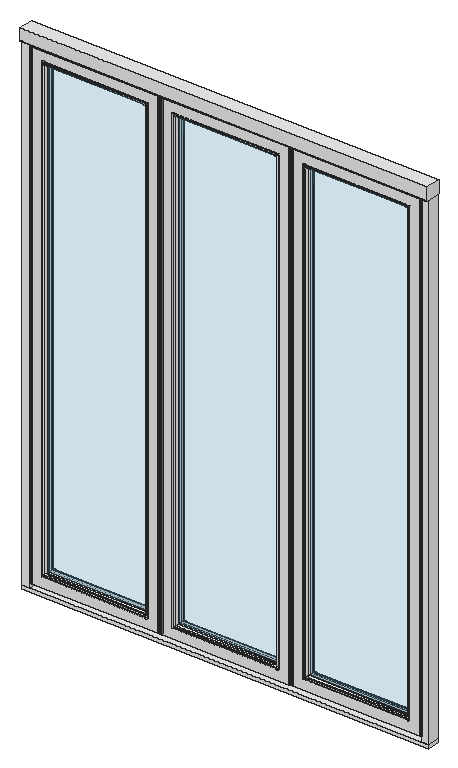
Revit family "98131", category Windows, host Wall, Revit 2018 (continued)
Definition of nested family "Header_WA-67"
  Definition of nested family "Header_Nana_Walls-WD-67"
    Lines and regions (in)
      model lines, in view "Ref. Level", visible <- "Half"
        curve 205: line (0.70866, -4.0748, 0) -> (0.59055, -4.0748, 0)
        curve 206: line (0.72835, -3.99606, 0) -> (0.61024, -3.99606, 0)
        curve 207: line (0.61024, -3.99606, 0) -> (0.61024, -4.03543, 0)
        curve 208: line (0.61024, -4.03543, 0) -> (0.72835, -4.03543, 0)
        curve 209: line (0.72835, -4.03543, 0) -> (0.72835, -3.99606, 0)
        curve 210: line (0.72251, -4.23255, 0) -> (0.5767, -4.19348, 0)
        curve 211: line (0.58078, -4.15381, 0) -> (0.71843, -4.1907, 0)
        curve 212: line (0.57087, -4.16142, 0) -> (0.57087, -4.18587, 0)
        curve 213: line (0.57087, -3.97638, 0) -> (0.57087, -4.05512, 0)
        curve 214: line (0.61024, -3.64173, 0) -> (0.61024, -3.95669, 0)
        curve 215: line (0.61024, -3.95669, 0) -> (0.59055, -3.95669, 0)
        curve 216: line (0.72835, -4.18309, 0) -> (0.72835, -4.09449, 0)
        curve 217: line (0.64961, -3.83858, 0) -> (0.64961, -3.95669, 0)
        curve 218: line (0.64961, -3.95669, 0) -> (0.72835, -3.95669, 0)
        curve 219: line (0.72835, -3.95669, 0) -> (0.72835, -3.83858, 0)
        curve 220: line (0.72835, -3.83858, 0) -> (0.64961, -3.83858, 0)
        curve 221: line (0.64961, -3.6461, 0) -> (0.64961, -3.8189, 0)
        curve 222: line (0.64961, -3.8189, 0) -> (0.72835, -3.8189, 0)
        curve 223: line (0.72835, -3.8189, 0) -> (0.72835, -3.58003, 0)
        curve 224: line (0.72835, -3.58003, 0) -> (0.64961, -3.6461, 0)
        curve 225: line (0.61024, -3.25591, 0) -> (0.61024, -3.39567, 0)
        curve 226: line (0.62992, -3.39567, 0) -> (0.62992, -3.37008, 0)
        curve 227: line (0.67336, -3.60047, 0) -> (0.72835, -3.55433, 0)
        curve 228: line (0.72835, -3.55433, 0) -> (0.72835, -3.29201, 0)
        curve 229: line (0.72835, -3.29201, 0) -> (0.67913, -3.3192, 0)
        curve 230: line (0.67913, -3.3192, 0) -> (0.63386, -3.28113, 0)
        curve 231: line (0.63386, -3.28113, 0) -> (0.63386, -3.33465, 0)
        curve 232: line (0.75537, -3.24943, 0) -> (0.67913, -3.29528, 0)
        curve 233: line (0.67913, -3.29528, 0) -> (0.62258, -3.24943, 0)
        curve 234: line (0.76772, -4.29134, 0) -> (0.76772, -3.25591, 0)
        curve 235: line (-1.08268, -5.40551, 0) -> (-1.08268, -5.27953, 0)
        curve 236: line (-1.08268, -5.27953, 0) -> (-0.86614, -5.27953, 0)
        curve 237: line (-0.86614, -5.27953, 0) -> (-0.86614, -4.49606, 0)
        curve 238: line (-1.03543, -4.49606, 0) -> (-0.58268, -4.49606, 0)
        curve 239: line (-1.03543, -5.16142, 0) -> (-1.03543, -4.80709, 0)
        curve 240: line (-1.03543, -4.88583, 0) -> (-1.16929, -4.88583, 0)
        curve 241: line (-1.16929, -4.88583, 0) -> (-1.16929, -5.08268, 0)
        curve 242: line (-1.16929, -5.08268, 0) -> (-1.03543, -5.08268, 0)
        curve 243: line (-1.16156, -5.23901, 0) -> (-1.16156, -5.4205, 0)
        curve 244: line (-1.11425, -5.43686, 0) -> (-1.13394, -5.43686, 0)
        curve 245: line (-1.11417, -5.40874, 0) -> (-1.13386, -5.40874, 0)
        curve 246: line (-1.0748, -5.20079, 0) -> (-1.1063, -5.20079, 0)
        curve 247: line (-1.0748, -4.76772, 0) -> (-1.1063, -4.76772, 0)
        curve 248: line (-1.16156, -4.72949, 0) -> (-1.16156, -4.548, 0)
        curve 249: line (-1.03543, -4.45669, 0) -> (-1.03543, -4.52756, 0)
        curve 250: line (-1.03543, -4.52756, 0) -> (-1.03543, -4.64567, 0)
        curve 251: line (-1.03543, -4.64567, 0) -> (-1.03543, -4.68898, 0)
        curve 252: line (-1.03543, -4.68898, 0) -> (-1.08268, -4.68898, 0)
        curve 253: line (-1.08268, -4.68898, 0) -> (-1.08268, -4.56299, 0)
        curve 254: line (-1.11417, -4.5315, 0) -> (-1.13386, -4.5315, 0)
        curve 255: line (-1.11417, -4.55977, 0) -> (-1.13386, -4.55977, 0)
        curve 256: line (-0.8189, -4.37795, 0) -> (-0.8189, -4.32677, 0)
        curve 257: line (-0.8189, -4.32677, 0) -> (-0.50394, -4.32677, 0)
        curve 258: line (-0.50394, -4.32677, 0) -> (-0.50394, -4.37795, 0)
        curve 259: line (-0.50394, -4.41732, 0) -> (-0.50394, -4.37795, 0)
        curve 260: line (-0.50394, -4.37795, 0) -> (-0.95669, -4.37795, 0)
        curve 261: line (-0.7189, -4.50067, 0) -> (-0.7189, -4.53082, 0)
        curve 262: line (-0.60394, -4.52824, 0) -> (-0.60394, -4.54724, 0)
        curve 263: line (-0.60394, -4.49606, 0) -> (-0.60394, -4.50437, 0)
        curve 264: line (-0.6983, -4.27686, 0) -> (-0.69956, -4.27024, 0)
        curve 265: line (-0.69956, -4.27024, 0) -> (-0.70841, -4.27189, 0)
        curve 266: line (-0.70841, -4.27189, 0) -> (-0.71789, -4.27406, 0)
        curve 267: line (-0.71789, -4.27406, 0) -> (-0.72806, -4.27686, 0)
        curve 268: line (-1.37795, -4.0374, 0) -> (-1.37795, -4.22638, 0)
        curve 269: line (-1.37795, -4.22638, 0) -> (-1.41732, -4.22638, 0)
        curve 270: line (-1.41732, -4.22638, 0) -> (-1.41732, -4.0374, 0)
        curve 271: line (-1.41732, -4.0374, 0) -> (-1.37795, -4.0374, 0)
        curve 272: line (-1.25984, -4.13189, 0) -> (-1.37795, -4.13189, 0)
        curve 273: line (-1.37795, -4.13189, 0) -> (-1.25984, -4.15272, 0)
        curve 274: line (-1.37795, -4.17187, 0) -> (-1.25984, -4.19269, 0)
        curve 275: line (-1.37795, -4.15188, 0) -> (-1.25984, -4.1727, 0)
        curve 276: line (-1.37795, -4.13189, 0) -> (-1.25984, -4.11106, 0)
        curve 277: line (-1.37795, -4.1119, 0) -> (-1.25984, -4.09108, 0)
        curve 278: line (-1.37795, -4.09191, 0) -> (-1.25984, -4.07109, 0)
        curve 279: line (-0.64173, -5.88583, 0) -> (-0.64173, -6.10236, 0)
        curve 280: line (0.01359, -6.01131, 0) -> (-0.31622, -5.85752, 0)
        curve 281: line (-0.61017, -5.84724, 0) -> (-0.36613, -5.84646, 0)
        curve 282: line (-0.80709, -5.96457, 0) -> (-0.80709, -5.95276, 0)
        curve 283: line (-0.64173, -5.94488, 0) -> (-0.79921, -5.94488, 0)
        curve 284: line (-0.64961, -6.20079, 0) -> (-0.33465, -6.20079, 0)
        curve 285: line (-0.33465, -6.20079, 0) -> (-0.33465, -6.25197, 0)
        curve 286: line (-0.33465, -6.25197, 0) -> (-0.64961, -6.25197, 0)
        curve 287: line (-0.64961, -6.25197, 0) -> (-0.64961, -6.20079, 0)
        curve 288: line (-0.78402, -6.09447, 0) -> (-0.6811, -6.12205, 0)
        curve 289: line (-0.6811, -6.12205, 0) -> (-0.16929, -6.12205, 0)
        curve 290: line (-0.16929, -6.12205, 0) -> (-0.16929, -6.16929, 0)
        curve 291: line (-0.16929, -6.16929, 0) -> (-0.22835, -6.16929, 0)
        curve 292: line (0.05906, -6.08268, 0) -> (0.05906, -6.2126, 0)
        curve 293: line (-0.22835, -6.25197, 0) -> (0.01969, -6.25197, 0)
        curve 294: line (-0.24803, -6.18898, 0) -> (-0.24803, -6.23228, 0)
        curve 295: line (-0.75591, -6.05512, 0) -> (-0.75591, -6.0748, 0)
        curve 296: line (-0.75591, -6.0748, 0) -> (-0.6811, -6.0748, 0)
        curve 297: line (-0.6811, -6.0748, 0) -> (-0.6811, -6.00394, 0)
        curve 298: line (-0.6811, -6.00394, 0) -> (-0.76772, -6.00394, 0)
        curve 299: line (-0.76181, -6.05171, 0) -> (-0.78768, -6.06664, 0)
        curve 300: line (-0.45525, -6.30188, 0) -> (-0.45399, -6.3085, 0)
        curve 301: line (-0.45399, -6.3085, 0) -> (-0.44516, -6.30685, 0)
        curve 302: line (-0.44516, -6.30685, 0) -> (-0.43568, -6.30469, 0)
        curve 303: line (-0.43568, -6.30469, 0) -> (-0.42548, -6.30188, 0)
        curve 304: line (0.41366, -7.09251, 0) -> (0.44021, -6.99423, 0)
        curve 305: line (0.44021, -6.99423, 0) -> (0.42126, -6.99423, 0)
        curve 306: line (0.53717, -6.82455, 0) -> (0.58972, -6.85103, 0)
        curve 307: line (0.43939, -6.81017, 0) -> (0.43011, -6.77644, 0)
        curve 308: line (0.59055, -6.81028, 0) -> (0.59055, -6.81885, 0)
        curve 309: line (0.58268, -6.9102, 0) -> (0.55933, -6.9102, 0)
        curve 310: line (0.55933, -6.9102, 0) -> (0.5887, -6.94503, 0)
        curve 311: line (0.58268, -6.86242, 0) -> (0.55933, -6.86242, 0)
        curve 312: line (0.55933, -6.86242, 0) -> (0.5887, -6.89725, 0)
        curve 313: line (0.41366, -6.87611, 0) -> (0.4395, -6.85918, 0)
        curve 314: line (0.41366, -6.98431, 0) -> (0.44021, -6.88604, 0)
        curve 315: line (0.44021, -6.88604, 0) -> (0.42126, -6.88604, 0)
        curve 316: line (0.61697, -7.02504, 0) -> (0.62611, -7.02172, 0)
        curve 317: line (0.59079, -7.0096, 0) -> (0.58268, -6.95798, 0)
        curve 318: line (-0.80709, -6.96063, 0) -> (-0.80709, -6.92913, 0)
        curve 319: line (-0.80709, -6.92913, 0) -> (-0.76772, -6.92913, 0)
        curve 320: line (-0.76772, -6.92913, 0) -> (-0.80709, -6.92913, 0)
        curve 321: line (-0.82002, -6.96666, 0) -> (-0.85911, -6.93386, 0)
        curve 322: line (-0.62992, -7.08661, 0) -> (-0.66317, -7.08661, 0)
        curve 323: line (-0.76772, -7.0192, 0) -> (-0.76772, -6.92913, 0)
        curve 324: line (-0.61024, -6.95146, 0) -> (-0.61024, -7.06693, 0)
        curve 325: line (-0.81693, -6.82178, 0) -> (-0.8563, -6.79905, 0)
        curve 326: line (-0.80709, -6.74016, 0) -> (-0.80709, -6.77165, 0)
        curve 327: line (-0.80709, -6.86196, 0) -> (-0.80709, -6.83883, 0)
        curve 328: line (-0.85911, -6.76692, 0) -> (-0.82002, -6.73413, 0)
        curve 329: line (-0.8563, -6.90174, 0) -> (-0.81693, -6.87901, 0)
        curve 330: line (-0.76772, -6.77165, 0) -> (-0.80709, -6.77165, 0)
        curve 331: line (-0.80709, -6.77165, 0) -> (-0.76772, -6.77165, 0)
        curve 332: line (-0.76772, -6.77165, 0) -> (-0.76772, -6.73228, 0)
        curve 333: line (-0.76772, -6.73228, 0) -> (-0.74803, -6.73228, 0)
        curve 334: line (-0.72835, -6.75197, 0) -> (-0.72835, -6.87182, 0)
        curve 335: line (-0.55877, -6.30188, 0) -> (-0.54857, -6.30469, 0)
        curve 336: line (-0.54857, -6.30469, 0) -> (-0.53909, -6.30685, 0)
        curve 337: line (-0.53909, -6.30685, 0) -> (-0.53027, -6.3085, 0)
        curve 338: line (-0.53027, -6.3085, 0) -> (-0.52901, -6.30188, 0)
        curve 339: line (-0.59478, -4.27686, 0) -> (-0.60495, -4.27406, 0)
        curve 340: line (-0.60495, -4.27406, 0) -> (-0.61443, -4.27189, 0)
        curve 341: line (-0.61443, -4.27189, 0) -> (-0.62328, -4.27024, 0)
        curve 342: line (-0.62328, -4.27024, 0) -> (-0.62454, -4.27686, 0)
        curve 343: line (-1.24016, -6.3189, 0) -> (1.35827, -6.3189, 0)
        curve 344: line (1.35827, -6.3189, 0) -> (1.35827, -3.24803, 0)
        curve 345: line (1.35827, -3.24803, 0) -> (-1.24016, -3.24803, 0)
        curve 346: line (-1.24016, -3.24803, 0) -> (-1.24016, -6.3189, 0)
        curve 433: arc (-0.94488, -3.95669, 0) -> (-0.9588, -3.96246, 0) -> (-0.96457, -3.97638, 0) r 0.01969
        curve 434: arc (-1.14173, -3.97638, 0) -> (-1.1475, -3.96246, 0) -> (-1.16142, -3.95669, 0) r 0.01969
        curve 435: arc (-1.20079, -4.12598, 0) -> (-1.19502, -4.1399, 0) -> (-1.1811, -4.14567, 0) r 0.01969
        curve 436: arc (-1.1752, -4.08661, 0) -> (-1.16128, -4.08085, 0) -> (-1.15551, -4.06693, 0) r 0.01969
        curve 437: arc (-0.93307, -4.2126, 0) -> (-0.88574, -4.193, 0) -> (-0.86614, -4.14567, 0) r 0.06693
        curve 438: arc (-0.9252, -4.14567, 0) -> (-0.91128, -4.1399, 0) -> (-0.90551, -4.12598, 0) r 0.01969
        curve 439: arc (-0.95079, -4.06693, 0) -> (-0.94502, -4.08085, 0) -> (-0.9311, -4.08661, 0) r 0.01969
        curve 440: arc (-1.04331, -4.52756, 0) -> (-1.0606, -4.4858, 0) -> (-1.10236, -4.4685, 0) r 0.05906
        curve 441: arc (-1.08268, -6.29921, 0) -> (-1.07691, -6.31313, 0) -> (-1.06299, -6.3189, 0) r 0.01969
        curve 442: arc (-0.98425, -6.3189, 0) -> (-0.96457, -6.29921, 0) -> (-0.98425, -6.27953, 0) r 0.01969
        curve 443: arc (-0.80709, -6.01181, 0) -> (-0.83493, -6.02334, 0) -> (-0.84646, -6.05118, 0) r 0.03937
        curve 444: arc (-0.69905, -6.04941, 0) -> (-0.68966, -6.02674, 0) -> (-0.70912, -6.01181, 0) r 0.02015
        curve 445: arc (-0.31496, -6.25984, 0) -> (-0.29766, -6.3016, 0) -> (-0.25591, -6.3189, 0) r 0.05906
        curve 446: arc (-0.19685, -6.16929, 0) -> (-0.17717, -6.14961, 0) -> (-0.19685, -6.12992, 0) r 0.01969
        curve 447: arc (-1.10236, -5.50394, 0) -> (-1.0606, -5.48664, 0) -> (-1.04331, -5.44488, 0) r 0.05906
        curve 448: arc (-0.76772, -6.73228, 0) -> (-0.78271, -6.69609, 0) -> (-0.8189, -6.6811, 0) r 0.05118
        curve 449: arc (-0.88583, -6.6811, 0) -> (-0.92759, -6.6984, 0) -> (-0.94488, -6.74016, 0) r 0.05906
        curve 450: arc (-1.16929, -6.75197, 0) -> (-1.10933, -6.89673, 0) -> (-0.96457, -6.95669, 0) r 0.20472
        curve 451: arc (-1.24016, -6.75197, 0) -> (-1.15944, -6.94684, 0) -> (-0.96457, -7.02756, 0) r 0.27559
        curve 452: arc (-0.95276, -6.95669, 0) -> (-0.94719, -6.95439, 0) -> (-0.94488, -6.94882, 0) r 0.00787
        curve 453: arc (-1.10236, -6.68504, 0) -> (-1.0606, -6.66774, 0) -> (-1.04331, -6.62598, 0) r 0.05906
        curve 456: arc (-0.76772, -4.54724, 0) -> (-0.83731, -4.57607, 0) -> (-0.86614, -4.64567, 0) r 0.09843
        curve 457: arc (0.86614, -3.24803, 0) -> (0.79654, -3.27686, 0) -> (0.76772, -3.34646, 0) r 0.09843
        curve 458: arc (1.35827, -3.34646, 0) -> (1.32944, -3.27686, 0) -> (1.25984, -3.24803, 0) r 0.09843
        curve 459: arc (1.27953, -6.3189, 0) -> (1.33521, -6.29584, 0) -> (1.35827, -6.24016, 0) r 0.07874
        curve 460: arc (1.27953, -6.3189, 0) -> (1.33521, -6.29584, 0) -> (1.35827, -6.24016, 0) r 0.07874
        curve 461: arc (0.86931, -6.3189, 0) -> (0.88196, -6.31429, 0) -> (0.8887, -6.30263, 0) r 0.01969
        curve 462: arc (0.9197, -6.22047, 0) -> (0.90705, -6.22508, 0) -> (0.90031, -6.23674, 0) r 0.01969
        curve 463: arc (1.06012, -6.30263, 0) -> (1.06686, -6.31429, 0) -> (1.07951, -6.3189, 0) r 0.01969
        curve 464: arc (1.04851, -6.23674, 0) -> (1.04177, -6.22508, 0) -> (1.02912, -6.22047, 0) r 0.01969
        curve 687: line (-0.94488, -3.95669, 0) -> (-0.86614, -3.95669, 0)
        curve 688: line (-0.86614, -3.95669, 0) -> (-0.86614, -4.14567, 0)
        curve 689: line (-1.24016, -6.75197, 0) -> (-1.24016, -3.95669, 0)
        curve 690: line (-1.24016, -3.95669, 0) -> (-1.16142, -3.95669, 0)
        curve 691: line (-0.93307, -4.2126, 0) -> (-1.16929, -4.2126, 0)
        curve 692: line (-1.16929, -4.2126, 0) -> (-1.16929, -4.4685, 0)
        curve 693: line (-1.16929, -4.4685, 0) -> (-1.10236, -4.4685, 0)
        curve 694: line (-1.1811, -4.14567, 0) -> (-0.9252, -4.14567, 0)
        curve 695: line (-1.14173, -3.97638, 0) -> (-1.14173, -3.99606, 0)
        curve 696: line (-1.14173, -3.99606, 0) -> (-1.20079, -3.99606, 0)
        curve 697: line (-1.20079, -3.99606, 0) -> (-1.20079, -4.04724, 0)
        curve 698: line (-1.20079, -4.04724, 0) -> (-1.15551, -4.04724, 0)
        curve 699: line (-1.15551, -4.04724, 0) -> (-1.15551, -4.06693, 0)
        curve 700: line (-1.1752, -4.08661, 0) -> (-1.20079, -4.08661, 0)
        curve 701: line (-1.20079, -4.08661, 0) -> (-1.20079, -4.12598, 0)
        curve 702: line (-0.95079, -4.06693, 0) -> (-0.95079, -4.04724, 0)
        curve 703: line (-0.95079, -4.04724, 0) -> (-0.90551, -4.04724, 0)
        curve 704: line (-0.90551, -4.04724, 0) -> (-0.90551, -3.99606, 0)
        curve 705: line (-0.90551, -3.99606, 0) -> (-0.96457, -3.99606, 0)
        curve 706: line (-0.96457, -3.99606, 0) -> (-0.96457, -3.97638, 0)
        curve 707: line (-0.90551, -4.12598, 0) -> (-0.90551, -4.08661, 0)
        curve 708: line (-0.90551, -4.08661, 0) -> (-0.9311, -4.08661, 0)
        curve 709: line (-1.10236, -5.50394, 0) -> (-1.16929, -5.50394, 0)
        curve 710: line (-1.16929, -5.50394, 0) -> (-1.16929, -6.12992, 0)
        curve 711: line (-1.16929, -6.12992, 0) -> (-0.84646, -6.12992, 0)
        curve 712: line (-0.84646, -6.12992, 0) -> (-0.84646, -6.05118, 0)
        curve 713: line (-0.70912, -6.01181, 0) -> (-0.80709, -6.01181, 0)
        curve 714: line (-0.19685, -6.12992, 0) -> (-0.80709, -6.12992, 0)
        curve 715: line (-0.80709, -6.12992, 0) -> (-0.80709, -6.05118, 0)
        curve 716: line (-0.80709, -6.05118, 0) -> (-0.74803, -6.05118, 0)
        curve 717: line (-0.74803, -6.05118, 0) -> (-0.74803, -6.07087, 0)
        curve 718: line (-1.06299, -6.3189, 0) -> (-0.98425, -6.3189, 0)
        curve 719: line (-0.98425, -6.27953, 0) -> (-1.04331, -6.27953, 0)
        curve 720: line (-1.04331, -6.27953, 0) -> (-1.04331, -6.20079, 0)
        curve 721: line (-1.04331, -6.20079, 0) -> (-0.51258, -6.20079, 0)
        curve 722: line (-0.51258, -6.20079, 0) -> (-0.49213, -6.18898, 0)
        curve 723: line (-0.49213, -6.18898, 0) -> (-0.47167, -6.20079, 0)
        curve 724: line (-0.47167, -6.20079, 0) -> (-0.31496, -6.20079, 0)
        curve 725: line (-0.31496, -6.20079, 0) -> (-0.31496, -6.25984, 0)
        curve 726: line (-0.74304, -6.0748, 0) -> (-0.69905, -6.04941, 0)
        curve 727: line (-0.25591, -6.3189, 0) -> (-0.17717, -6.3189, 0)
        curve 728: line (-0.17717, -6.3189, 0) -> (-0.17717, -6.25984, 0)
        curve 729: line (-0.17717, -6.25984, 0) -> (-0.25591, -6.25984, 0)
        curve 730: line (-0.25591, -6.25984, 0) -> (-0.25591, -6.16929, 0)
        curve 731: line (-0.25591, -6.16929, 0) -> (-0.19685, -6.16929, 0)
        curve 732: line (-1.04331, -5.44488, 0) -> (-1.04331, -5.32677, 0)
        curve 733: line (-1.04331, -5.32677, 0) -> (-1.08268, -5.32677, 0)
        curve 734: line (-1.08268, -5.32677, 0) -> (-1.08268, -5.44488, 0)
        curve 735: line (-1.08268, -5.44488, 0) -> (-1.16929, -5.44488, 0)
        curve 736: line (-1.16929, -5.44488, 0) -> (-1.16929, -4.52756, 0)
        curve 737: line (-1.16929, -4.52756, 0) -> (-1.08268, -4.52756, 0)
        curve 738: line (-1.08268, -4.52756, 0) -> (-1.08268, -4.64567, 0)
        curve 739: line (-1.08268, -4.64567, 0) -> (-1.04331, -4.64567, 0)
        curve 740: line (-1.04331, -4.64567, 0) -> (-1.04331, -4.52756, 0)
        curve 741: line (-0.76772, -6.73228, 0) -> (-0.76772, -6.77165, 0)
        curve 742: line (-0.76772, -6.77165, 0) -> (-0.80709, -6.77165, 0)
        curve 743: line (-0.80709, -6.77165, 0) -> (-0.76772, -6.77165, 0)
        curve 744: line (-0.76772, -6.77165, 0) -> (-0.76772, -6.73228, 0)
        curve 745: line (-0.76772, -7.0192, 0) -> (-0.76772, -6.92913, 0)
        curve 746: line (-0.76772, -6.92913, 0) -> (-0.76772, -7.02756, 0)
        curve 747: line (-0.76772, -7.02756, 0) -> (-0.96457, -7.02756, 0)
        curve 748: line (-1.10236, -6.68504, 0) -> (-1.16929, -6.68504, 0)
        curve 749: line (-1.16929, -6.68504, 0) -> (-1.16929, -6.75197, 0)
        curve 750: line (-0.96457, -6.95669, 0) -> (-0.95276, -6.95669, 0)
        curve 751: line (-0.94488, -6.94882, 0) -> (-0.94488, -6.74016, 0)
        curve 752: line (-0.80709, -6.74016, 0) -> (-0.80709, -6.77165, 0)
        curve 753: line (-0.80709, -6.77165, 0) -> (-0.80709, -6.73228, 0)
        curve 754: line (-0.80709, -6.73228, 0) -> (-0.88583, -6.73228, 0)
        curve 755: line (-0.88583, -6.73228, 0) -> (-0.88583, -6.9685, 0)
        curve 756: line (-0.88583, -6.9685, 0) -> (-0.80709, -6.9685, 0)
        curve 757: line (-0.80709, -6.9685, 0) -> (-0.80709, -6.92913, 0)
        curve 758: line (-0.80709, -6.92913, 0) -> (-0.76772, -6.92913, 0)
        curve 759: line (-0.76772, -6.92913, 0) -> (-0.80709, -6.92913, 0)
        curve 760: line (-0.80709, -6.92913, 0) -> (-0.80709, -6.96063, 0)
        curve 761: line (-1.04331, -6.62598, 0) -> (-1.04331, -6.54724, 0)
        curve 762: line (-1.04331, -6.54724, 0) -> (-1.08268, -6.54724, 0)
        curve 763: line (-1.08268, -6.54724, 0) -> (-1.08268, -6.62598, 0)
        curve 764: line (-1.08268, -6.62598, 0) -> (-1.16929, -6.62598, 0)
        curve 765: line (-1.16929, -6.62598, 0) -> (-1.16929, -6.22047, 0)
        curve 766: line (-1.16929, -6.22047, 0) -> (-1.08268, -6.22047, 0)
        curve 767: line (-1.08268, -6.22047, 0) -> (-1.08268, -6.29921, 0)
        curve 768: line (-0.88583, -6.6811, 0) -> (-0.8189, -6.6811, 0)
        curve 802: line (1.35827, -3.34646, 0) -> (1.35827, -6.24016, 0)
        curve 803: line (0.86931, -6.3189, 0) -> (0.05906, -6.3189, 0)
        curve 804: line (0.05906, -6.3189, 0) -> (0.05906, -6.00394, 0)
        curve 805: line (0.05906, -6.00394, 0) -> (-0.27866, -5.84646, 0)
        curve 806: line (-0.27866, -5.84646, 0) -> (-0.61024, -5.84646, 0)
        curve 807: line (-0.61024, -5.84646, 0) -> (-0.86614, -5.72713, 0)
        curve 808: line (-0.86614, -5.72713, 0) -> (-0.86614, -4.64567, 0)
        curve 809: line (0.76772, -3.34646, 0) -> (0.76772, -4.31102, 0)
        curve 810: line (0.76772, -4.31102, 0) -> (0.57087, -4.31102, 0)
        curve 811: line (0.57087, -4.31102, 0) -> (0.57087, -3.95669, 0)
        curve 812: line (0.57087, -3.95669, 0) -> (0.15748, -3.95669, 0)
        curve 813: line (0.15748, -3.95669, 0) -> (0.15748, -4.15354, 0)
        curve 814: line (0.15748, -4.15354, 0) -> (0, -4.15354, 0)
        curve 815: line (0, -4.15354, 0) -> (0, -3.95669, 0)
        curve 816: line (0, -3.95669, 0) -> (-0.49213, -3.95669, 0)
        curve 817: line (-0.49213, -3.95669, 0) -> (-0.49213, -4.54724, 0)
        curve 818: line (-0.49213, -4.54724, 0) -> (-0.76772, -4.54724, 0)
        curve 819: line (0.86614, -3.24803, 0) -> (1.25984, -3.24803, 0)
        curve 820: line (0.9197, -6.22047, 0) -> (1.02912, -6.22047, 0)
        curve 821: line (1.02912, -6.22047, 0) -> (0.9197, -6.22047, 0)
        curve 822: line (0.8887, -6.30263, 0) -> (0.90031, -6.23674, 0)
        curve 823: line (1.11866, -6.3189, 0) -> (1.07951, -6.3189, 0)
        curve 824: line (1.07951, -6.3189, 0) -> (1.27953, -6.3189, 0)
        curve 825: line (1.06012, -6.30263, 0) -> (1.04851, -6.23674, 0)
        curve 826: line (0.43307, -6.3189, 0) -> (1.33858, -6.3189, 0)
        curve 827: line (1.33858, -6.3189, 0) -> (1.33858, -6.67662, 0)
        curve 828: arc (1.33858, -6.67662, 0) -> (1.28332, -6.82846, 0) -> (1.14338, -6.90925, 0) r 0.23622
        curve 829: line (1.14338, -6.90925, 0) -> (0.59055, -7.02756, 0)
        curve 830: line (0.59055, -7.02756, 0) -> (0.59055, -6.7126, 0)
        curve 831: line (0.59055, -6.7126, 0) -> (0.43307, -6.7126, 0)
        curve 832: line (0.43307, -6.7126, 0) -> (0.43307, -6.3189, 0)
        curve 833: line (0.43307, -6.3189, 0) -> (1.25984, -6.3189, 0)
        curve 834: line (1.33858, -6.39764, 0) -> (1.33858, -6.67662, 0)
        curve 835: arc (1.25984, -6.3189, 0) -> (1.31552, -6.34196, 0) -> (1.33858, -6.39764, 0) r 0.07874
      model lines, in view "Ref. Level"
        curve 2: arc (1.11024, -2.55906, 0) -> (1.07564, -2.47554, 0) -> (0.99213, -2.44094, 0) r 0.11811
        curve 3: line (1.07087, -2.55906, 0) -> (0.95042, -2.44094, 0)
        curve 4: arc (-0.87402, -2.44094, 0) -> (-0.95753, -2.47554, 0) -> (-0.99213, -2.55906, 0) r 0.11811
        curve 5: line (-0.95276, -2.55906, 0) -> (-0.83231, -2.44094, 0)
        curve 6: arc (-0.41685, -2.95323, 0) -> (-0.41428, -2.94036, 0) -> (-0.4252, -2.93307, 0) r 0.01181
        curve 7: arc (-0.48386, -3.00394, 0) -> (-0.46879, -3.00094, 0) -> (-0.45602, -2.99241, 0) r 0.03937
        curve 8: arc (-0.46457, -2.88583, 0) -> (-0.47292, -2.88929, 0) -> (-0.47638, -2.89764, 0) r 0.01181
        curve 9: arc (-0.46457, -2.88583, 0) -> (-0.45316, -2.87707, 0) -> (-0.45866, -2.86379, 0) r 0.01181
        curve 10: arc (-0.52756, -2.95669, 0) -> (-0.51921, -2.95323, 0) -> (-0.51575, -2.94488, 0) r 0.01181
        curve 11: arc (-0.6063, -2.94488, 0) -> (-0.60284, -2.95323, 0) -> (-0.59449, -2.95669, 0) r 0.01181
        curve 12: arc (-0.51575, -2.88583, 0) -> (-0.51921, -2.87748, 0) -> (-0.52756, -2.87402, 0) r 0.01181
        curve 13: arc (-0.66339, -2.86379, 0) -> (-0.66889, -2.87707, 0) -> (-0.65748, -2.88583, 0) r 0.01181
        curve 14: arc (-0.64567, -2.89764, 0) -> (-0.64913, -2.88929, 0) -> (-0.65748, -2.88583, 0) r 0.01181
        curve 15: arc (-0.59449, -2.87402, 0) -> (-0.60284, -2.87748, 0) -> (-0.6063, -2.88583, 0) r 0.01181
        curve 16: arc (-1.41535, -2.93307, 0) -> (-1.42716, -2.94452, 0) -> (-1.41608, -2.95667, 0) r 0.01181
        curve 17: arc (0.54331, -2.93307, 0) -> (0.5324, -2.94036, 0) -> (0.53496, -2.95323, 0) r 0.01181
        curve 18: arc (0.57413, -2.99241, 0) -> (0.5869, -3.00094, 0) -> (0.60197, -3.00394, 0) r 0.03937
        curve 19: arc (0.59449, -2.89764, 0) -> (0.59103, -2.88929, 0) -> (0.58268, -2.88583, 0) r 0.01181
        curve 20: arc (0.57677, -2.86379, 0) -> (0.57127, -2.87707, 0) -> (0.58268, -2.88583, 0) r 0.01181
        curve 21: arc (0.63386, -2.94488, 0) -> (0.63732, -2.95323, 0) -> (0.64567, -2.95669, 0) r 0.01181
        curve 22: arc (0.7126, -2.95669, 0) -> (0.72095, -2.95323, 0) -> (0.72441, -2.94488, 0) r 0.01181
        curve 23: arc (0.64567, -2.87402, 0) -> (0.63732, -2.87748, 0) -> (0.63386, -2.88583, 0) r 0.01181
        curve 24: arc (0.77559, -2.88583, 0) -> (0.787, -2.87707, 0) -> (0.7815, -2.86379, 0) r 0.01181
        curve 25: arc (0.77559, -2.88583, 0) -> (0.76724, -2.88929, 0) -> (0.76378, -2.89764, 0) r 0.01181
        curve 26: arc (0.72441, -2.88583, 0) -> (0.72095, -2.87748, 0) -> (0.7126, -2.87402, 0) r 0.01181
        curve 27: arc (1.53419, -2.95667, 0) -> (1.54527, -2.94452, 0) -> (1.53346, -2.93307, 0) r 0.01181
        curve 118: line (1.11024, -2.75591, 0) -> (1.11024, -2.55906, 0)
        curve 119: line (1.11024, -2.55906, 0) -> (1.07087, -2.55906, 0)
        curve 120: line (1.07087, -2.55906, 0) -> (1.07087, -2.71654, 0)
        curve 121: line (1.07087, -2.71654, 0) -> (1.02362, -2.71654, 0)
        curve 122: line (1.07087, -2.71654, 0) -> (1.11024, -2.75591, 0)
        curve 123: line (1.11024, -2.75591, 0) -> (0.98426, -2.75591, 0)
        curve 124: line (0.98426, -2.75591, 0) -> (0.98426, -2.59843, 0)
        curve 125: line (1.02362, -2.55906, 0) -> (0.98621, -2.59843, 0)
        curve 126: line (0.98621, -2.59843, 0) -> (0.7874, -2.59843, 0)
        curve 127: line (0.98453, -2.75768, 0) -> (1.02362, -2.71654, 0)
        curve 128: line (1.02362, -2.71654, 0) -> (1.02362, -2.55906, 0)
        curve 129: line (1.02362, -2.55906, 0) -> (0.7874, -2.55906, 0)
        curve 130: line (0.7874, -2.55906, 0) -> (0.7874, -2.66142, 0)
        curve 131: line (0.7874, -2.66142, 0) -> (0.7874, -2.71654, 0)
        curve 132: line (0.7874, -2.71654, 0) -> (0.66929, -2.71654, 0)
        curve 133: line (0.66929, -2.71654, 0) -> (0.66929, -2.55906, 0)
        curve 134: line (0.66929, -2.55906, 0) -> (0.54331, -2.55906, 0)
        curve 135: line (0.54331, -2.55906, 0) -> (0.54331, -2.48031, 0)
        curve 136: line (0.54331, -2.48031, 0) -> (0.66929, -2.48031, 0)
        curve 137: line (0.66929, -2.48031, 0) -> (0.66929, -2.32283, 0)
        curve 138: line (0.66929, -2.32283, 0) -> (0.7874, -2.32283, 0)
        curve 139: line (0.7874, -2.32283, 0) -> (0.7874, -2.44094, 0)
        curve 140: line (0.7874, -2.44094, 0) -> (0.99213, -2.44094, 0)
        curve 141: line (0.58268, -2.48031, 0) -> (0.58268, -2.55906, 0)
        curve 142: line (0.66929, -2.67717, 0) -> (0.7874, -2.67717, 0)
        curve 143: line (0.98453, -2.59843, 0) -> (0.98453, -2.75768, 0)
        curve 144: line (0.7874, -2.3622, 0) -> (0.66929, -2.3622, 0)
        curve 145: line (-0.99213, -2.75591, 0) -> (-0.99213, -2.55906, 0)
        curve 146: line (-0.99213, -2.55906, 0) -> (-0.95276, -2.55906, 0)
        curve 147: line (-0.95276, -2.55906, 0) -> (-0.95276, -2.71654, 0)
        curve 148: line (-0.95276, -2.71654, 0) -> (-0.90551, -2.71654, 0)
        curve 149: line (-0.95276, -2.71654, 0) -> (-0.99213, -2.75591, 0)
        curve 150: line (-0.99213, -2.75591, 0) -> (-0.86615, -2.75591, 0)
        curve 151: line (-0.86615, -2.75591, 0) -> (-0.86615, -2.59843, 0)
        curve 152: line (-0.90551, -2.55906, 0) -> (-0.8681, -2.59843, 0)
        curve 153: line (-0.8681, -2.59843, 0) -> (-0.66929, -2.59843, 0)
        curve 154: line (-0.86642, -2.75768, 0) -> (-0.90551, -2.71654, 0)
        curve 155: line (-0.90551, -2.71654, 0) -> (-0.90551, -2.55906, 0)
        curve 156: line (-0.90551, -2.55906, 0) -> (-0.66929, -2.55906, 0)
        curve 157: line (-0.66929, -2.55906, 0) -> (-0.66929, -2.66142, 0)
        curve 158: line (-0.66929, -2.66142, 0) -> (-0.66929, -2.71654, 0)
        curve 159: line (-0.66929, -2.71654, 0) -> (-0.55118, -2.71654, 0)
        curve 160: line (-0.55118, -2.71654, 0) -> (-0.55118, -2.55906, 0)
        curve 161: line (-0.55118, -2.55906, 0) -> (-0.4252, -2.55906, 0)
        curve 162: line (-0.4252, -2.55906, 0) -> (-0.4252, -2.48031, 0)
        curve 163: line (-0.4252, -2.48031, 0) -> (-0.55118, -2.48031, 0)
        curve 164: line (-0.55118, -2.48031, 0) -> (-0.55118, -2.32283, 0)
        curve 165: line (-0.55118, -2.32283, 0) -> (-0.66929, -2.32283, 0)
        curve 166: line (-0.66929, -2.32283, 0) -> (-0.66929, -2.44094, 0)
        curve 167: line (-0.66929, -2.44094, 0) -> (-0.87402, -2.44094, 0)
        curve 168: line (-0.46457, -2.48031, 0) -> (-0.46457, -2.55906, 0)
        curve 169: line (-0.55118, -2.67717, 0) -> (-0.66929, -2.67717, 0)
        curve 170: line (-0.86642, -2.59843, 0) -> (-0.86642, -2.75768, 0)
        curve 171: line (-0.66929, -2.3622, 0) -> (-0.55118, -2.3622, 0)
        curve 172: line (-0.66339, -2.86379, 0) -> (-0.61291, -2.83465, 0)
        curve 173: line (-0.61291, -2.83465, 0) -> (-0.50914, -2.83465, 0)
        curve 174: line (-0.50914, -2.83465, 0) -> (-0.45866, -2.86379, 0)
        curve 175: line (-1.41608, -2.95667, 0) -> (-0.64328, -3.00394, 0)
        curve 176: line (-0.64328, -3.00394, 0) -> (-0.48386, -3.00394, 0)
        curve 177: line (-0.47638, -2.89764, 0) -> (-0.47638, -2.93307, 0)
        curve 178: line (-0.47638, -2.93307, 0) -> (-0.4252, -2.93307, 0)
        curve 179: line (-0.45602, -2.99241, 0) -> (-0.41685, -2.95323, 0)
        curve 180: line (-0.64567, -2.89764, 0) -> (-0.64567, -2.93307, 0)
        curve 181: line (-0.64567, -2.93307, 0) -> (-1.41535, -2.93307, 0)
        curve 182: line (-0.6063, -2.94488, 0) -> (-0.6063, -2.88583, 0)
        curve 183: line (-0.51575, -2.88583, 0) -> (-0.51575, -2.94488, 0)
        curve 184: line (-0.52756, -2.95669, 0) -> (-0.59449, -2.95669, 0)
        curve 185: line (-0.59449, -2.87402, 0) -> (-0.52756, -2.87402, 0)
        curve 186: line (0.7815, -2.86379, 0) -> (0.73102, -2.83465, 0)
        curve 187: line (0.73102, -2.83465, 0) -> (0.62725, -2.83465, 0)
        curve 188: line (0.62725, -2.83465, 0) -> (0.57677, -2.86379, 0)
        curve 189: line (1.53419, -2.95667, 0) -> (0.76139, -3.00394, 0)
        curve 190: line (0.76139, -3.00394, 0) -> (0.60197, -3.00394, 0)
        curve 191: line (0.59449, -2.89764, 0) -> (0.59449, -2.93307, 0)
        curve 192: line (0.59449, -2.93307, 0) -> (0.54331, -2.93307, 0)
        curve 193: line (0.57413, -2.99241, 0) -> (0.53496, -2.95323, 0)
        curve 194: line (0.76378, -2.89764, 0) -> (0.76378, -2.93307, 0)
        curve 195: line (0.76378, -2.93307, 0) -> (1.53346, -2.93307, 0)
        curve 196: line (0.72441, -2.94488, 0) -> (0.72441, -2.88583, 0)
        curve 197: line (0.63386, -2.88583, 0) -> (0.63386, -2.94488, 0)
        curve 198: line (0.64567, -2.95669, 0) -> (0.7126, -2.95669, 0)
        curve 199: line (0.7126, -2.87402, 0) -> (0.64567, -2.87402, 0)
        curve 347: arc (0.85433, -2.8937, 0) -> (0.86586, -2.92154, 0) -> (0.8937, -2.93307, 0) r 0.03937
        curve 348: arc (0.8937, -2.59843, 0) -> (0.86586, -2.60996, 0) -> (0.85433, -2.6378, 0) r 0.03937
        curve 349: arc (0.99213, -2.6378, 0) -> (0.98059, -2.60996, 0) -> (0.95276, -2.59843, 0) r 0.03937
        curve 350: arc (1.25984, -2.93307, 0) -> (1.27376, -2.92731, 0) -> (1.27953, -2.91339, 0) r 0.01969
        curve 351: arc (1.35827, -2.65748, 0) -> (1.37219, -2.65171, 0) -> (1.37795, -2.6378, 0) r 0.01969
        curve 352: arc (1.37795, -2.27756, 0) -> (1.37219, -2.26364, 0) -> (1.35827, -2.25787, 0) r 0.01969
        curve 353: arc (1.35827, -1.95472, 0) -> (1.37219, -1.94896, 0) -> (1.37795, -1.93504, 0) r 0.01969
        curve 354: arc (0.77019, -0.49213, 0) -> (0.67648, -0.53834, 0) -> (0.6561, -0.64081, 0) r 0.11811
        curve 355: arc (0.77199, -0.61024, 0) -> (0.75637, -0.61794, 0) -> (0.75298, -0.63502, 0) r 0.01969
        curve 356: arc (1.12205, -0.68898, 0) -> (1.11052, -0.66114, 0) -> (1.08268, -0.64961, 0) r 0.03937
        curve 357: arc (1.37795, -1.21457, 0) -> (1.37219, -1.20065, 0) -> (1.35827, -1.19488, 0) r 0.01969
        curve 358: arc (1.35827, -0.89173, 0) -> (1.37219, -0.88597, 0) -> (1.37795, -0.87205, 0) r 0.01969
        curve 359: arc (1.14173, -0.05906, 0) -> (1.12781, -0.06482, 0) -> (1.12205, -0.07874, 0) r 0.01969
        curve 360: arc (1.37795, -0.07874, 0) -> (1.37219, -0.06482, 0) -> (1.35827, -0.05906, 0) r 0.01969
        curve 361: arc (1.37795, -2.83465, 0) -> (1.40678, -2.90424, 0) -> (1.47638, -2.93307, 0) r 0.09843
        curve 362: arc (1.87008, -2.93307, 0) -> (1.93968, -2.90424, 0) -> (1.9685, -2.83465, 0) r 0.09843
        curve 363: arc (1.47638, -0.05906, 0) -> (1.40678, -0.08788, 0) -> (1.37795, -0.15748, 0) r 0.09843
        curve 364: arc (1.9685, -0.15748, 0) -> (1.93968, -0.08788, 0) -> (1.87008, -0.05906, 0) r 0.09843
        curve 365: arc (-0.77559, -2.93307, 0) -> (-0.74775, -2.92154, 0) -> (-0.73622, -2.8937, 0) r 0.03937
        curve 366: arc (-0.73622, -2.6378, 0) -> (-0.74775, -2.60996, 0) -> (-0.77559, -2.59843, 0) r 0.03937
        curve 367: arc (-0.83465, -2.59843, 0) -> (-0.86248, -2.60996, 0) -> (-0.87402, -2.6378, 0) r 0.03937
        curve 368: arc (-1.16142, -2.91339, 0) -> (-1.15565, -2.92731, 0) -> (-1.14173, -2.93307, 0) r 0.01969
        curve 369: arc (-1.25984, -2.6378, 0) -> (-1.25408, -2.65171, 0) -> (-1.24016, -2.65748, 0) r 0.01969
        curve 370: arc (-1.24016, -2.25787, 0) -> (-1.25408, -2.26364, 0) -> (-1.25984, -2.27756, 0) r 0.01969
        curve 371: arc (-1.25984, -1.93504, 0) -> (-1.25408, -1.94896, 0) -> (-1.24016, -1.95472, 0) r 0.01969
        curve 372: arc (-0.53799, -0.64081, 0) -> (-0.55837, -0.53834, 0) -> (-0.65208, -0.49213, 0) r 0.11811
        curve 373: arc (-0.63487, -0.63502, 0) -> (-0.63826, -0.61794, 0) -> (-0.65388, -0.61024, 0) r 0.01969
        curve 374: arc (-0.96457, -0.64961, 0) -> (-0.99241, -0.66114, 0) -> (-1.00394, -0.68898, 0) r 0.03937
        curve 375: arc (-1.24016, -1.19488, 0) -> (-1.25408, -1.20065, 0) -> (-1.25984, -1.21457, 0) r 0.01969
        curve 376: arc (-1.25984, -0.87205, 0) -> (-1.25408, -0.88597, 0) -> (-1.24016, -0.89173, 0) r 0.01969
        curve 377: arc (-1.00394, -0.07874, 0) -> (-1.0097, -0.06482, 0) -> (-1.02362, -0.05906, 0) r 0.01969
        curve 378: arc (-1.24016, -0.05906, 0) -> (-1.25408, -0.06482, 0) -> (-1.25984, -0.07874, 0) r 0.01969
        curve 379: arc (-0.57087, -3.23622, 0) -> (-0.55011, -3.28633, 0) -> (-0.5, -3.30709, 0) r 0.07087
        curve 380: arc (-0.5, -3.16929, 0) -> (-0.50577, -3.15537, 0) -> (-0.51969, -3.14961, 0) r 0.01969
        curve 381: arc (-0.41339, -3.30709, 0) -> (-0.35771, -3.28402, 0) -> (-0.33465, -3.22835, 0) r 0.07874
        curve 382: arc (0.61024, -3.30709, 0) -> (0.58717, -3.25141, 0) -> (0.5315, -3.22835, 0) r 0.07874
        curve 383: arc (0.45276, -3.50394, 0) -> (0.46429, -3.53178, 0) -> (0.49213, -3.54331, 0) r 0.03937
        curve 384: arc (0.47244, -3.44488, 0) -> (0.45852, -3.45065, 0) -> (0.45276, -3.46457, 0) r 0.01969
        curve 385: arc (0.45276, -3.22835, 0) -> (0.47582, -3.28402, 0) -> (0.5315, -3.30709, 0) r 0.07874
        curve 386: arc (0.57087, -3.54331, 0) -> (0.5987, -3.53178, 0) -> (0.61024, -3.50394, 0) r 0.03937
        curve 387: arc (-0.59055, -2.1889, 0) -> (-0.5315, -2.20472, 0) -> (-0.47244, -2.1889, 0) r 0.11811
        curve 388: arc (-0.66929, -2.93307, 0) -> (-0.65537, -2.92731, 0) -> (-0.64961, -2.91339, 0) r 0.01969
        curve 389: arc (-0.70866, -2.66142, 0) -> (-0.72258, -2.66718, 0) -> (-0.72835, -2.6811, 0) r 0.01969
        curve 390: arc (-0.72835, -2.34646, 0) -> (-0.72258, -2.36038, 0) -> (-0.70866, -2.36614, 0) r 0.01969
        curve 391: arc (-0.72835, -2.06388, 0) -> (-0.7178, -2.10325, 0) -> (-0.68898, -2.13207, 0) r 0.07874
        curve 392: arc (-0.47244, -2.91339, 0) -> (-0.46668, -2.92731, 0) -> (-0.45276, -2.93307, 0) r 0.01969
        curve 393: arc (-0.33465, -2.14344, 0) -> (-0.34449, -2.12639, 0) -> (-0.36417, -2.12639, 0) r 0.01969
        curve 394: arc (-0.71257, -0.33974, 0) -> (-0.70554, -0.35026, 0) -> (-0.69356, -0.35433, 0) r 0.01969
        curve 395: arc (-0.64514, -0.89654, 0) -> (-0.67743, -0.85447, 0) -> (-0.71654, -0.8903, 0) r 0.03597
        curve 396: arc (-0.64514, -0.89654, 0) -> (-0.64322, -0.96316, 0) -> (-0.61515, -1.02362, 0) r 0.16535
        curve 397: arc (-0.69356, -0.64961, 0) -> (-0.70554, -0.65367, 0) -> (-0.71257, -0.6642, 0) r 0.01969
        curve 398: arc (-0.24409, -0.51575, 0) -> (-0.27193, -0.52728, 0) -> (-0.28346, -0.55512, 0) r 0.03937
        curve 399: arc (-0.33924, -0.80505, 0) -> (-0.3481, -0.81765, 0) -> (-0.34517, -0.83277, 0) r 0.01969
        curve 400: arc (-0.4003, -0.97966, 0) -> (-0.42736, -0.98167, 0) -> (-0.42669, -1.0088, 0) r 0.01969
        curve 401: arc (-0.42803, -0.84307, 0) -> (-0.42668, -0.86945, 0) -> (-0.4003, -0.87074, 0) r 0.01969
        curve 402: arc (-0.42803, -0.84307, 0) -> (-0.48228, -0.82677, 0) -> (-0.53654, -0.84307, 0) r 0.09843
        curve 403: arc (-0.56427, -0.87074, 0) -> (-0.53789, -0.86945, 0) -> (-0.53654, -0.84307, 0) r 0.01969
        curve 404: arc (-0.56427, -0.87074, 0) -> (-0.58071, -0.9252, 0) -> (-0.56427, -0.97966, 0) r 0.09843
        curve 405: arc (-0.53787, -1.0088, 0) -> (-0.5372, -0.98167, 0) -> (-0.56427, -0.97966, 0) r 0.01969
        curve 406: arc (-0.34941, -1.02362, 0) -> (-0.31697, -0.92887, 0) -> (-0.34517, -0.83277, 0) r 0.16535
        curve 407: arc (-0.4003, -0.97966, 0) -> (-0.38386, -0.9252, 0) -> (-0.4003, -0.87074, 0) r 0.09843
        curve 408: arc (-0.33924, -0.80505, 0) -> (-0.29835, -0.76212, 0) -> (-0.28346, -0.70472, 0) r 0.11811
        curve 409: arc (-0.28346, -0.29921, 0) -> (-0.22779, -0.27615, 0) -> (-0.20472, -0.22047, 0) r 0.07874
        curve 410: arc (0.59055, -2.1889, 0) -> (0.64961, -2.20472, 0) -> (0.70866, -2.1889, 0) r 0.11811
        curve 411: arc (0.57087, -2.93307, 0) -> (0.58479, -2.92731, 0) -> (0.59055, -2.91339, 0) r 0.01969
        curve 412: arc (0.48228, -2.12639, 0) -> (0.4626, -2.12639, 0) -> (0.45276, -2.14344, 0) r 0.01969
        curve 413: arc (0.76772, -2.91339, 0) -> (0.77348, -2.92731, 0) -> (0.7874, -2.93307, 0) r 0.01969
        curve 414: arc (0.84646, -2.6811, 0) -> (0.84069, -2.66718, 0) -> (0.82677, -2.66142, 0) r 0.01969
        curve 415: arc (0.82677, -2.36614, 0) -> (0.84069, -2.36038, 0) -> (0.84646, -2.34646, 0) r 0.01969
        curve 416: arc (0.80709, -2.13207, 0) -> (0.83591, -2.10325, 0) -> (0.84646, -2.06388, 0) r 0.07874
        curve 417: arc (0.40157, -0.55512, 0) -> (0.39004, -0.52728, 0) -> (0.3622, -0.51575, 0) r 0.03937
        curve 418: arc (0.46328, -0.83277, 0) -> (0.46621, -0.81765, 0) -> (0.45735, -0.80505, 0) r 0.01969
        curve 419: arc (0.51841, -0.87074, 0) -> (0.54479, -0.86945, 0) -> (0.54614, -0.84307, 0) r 0.01969
        curve 420: arc (0.5448, -1.0088, 0) -> (0.54548, -0.98167, 0) -> (0.51841, -0.97966, 0) r 0.01969
        curve 421: arc (0.46328, -0.83277, 0) -> (0.43508, -0.92887, 0) -> (0.46752, -1.02362, 0) r 0.16535
        curve 422: arc (0.51841, -0.87074, 0) -> (0.50197, -0.9252, 0) -> (0.51841, -0.97966, 0) r 0.09843
        curve 423: arc (0.65465, -0.84307, 0) -> (0.60039, -0.82677, 0) -> (0.54614, -0.84307, 0) r 0.09843
        curve 424: arc (0.68238, -0.97966, 0) -> (0.65531, -0.98167, 0) -> (0.65598, -1.0088, 0) r 0.01969
        curve 425: arc (0.68238, -0.97966, 0) -> (0.69882, -0.9252, 0) -> (0.68238, -0.87074, 0) r 0.09843
        curve 426: arc (0.65465, -0.84307, 0) -> (0.656, -0.86945, 0) -> (0.68238, -0.87074, 0) r 0.01969
        curve 427: arc (0.40157, -0.70472, 0) -> (0.41646, -0.76212, 0) -> (0.45735, -0.80505, 0) r 0.11811
        curve 428: arc (0.32283, -0.22047, 0) -> (0.3459, -0.27615, 0) -> (0.40157, -0.29921, 0) r 0.07874
        curve 429: arc (0.81167, -0.35433, 0) -> (0.82365, -0.35026, 0) -> (0.83068, -0.33974, 0) r 0.01969
        curve 430: arc (0.83465, -0.8903, 0) -> (0.79554, -0.85447, 0) -> (0.76325, -0.89654, 0) r 0.03597
        curve 431: arc (0.73326, -1.02362, 0) -> (0.76133, -0.96316, 0) -> (0.76325, -0.89654, 0) r 0.16535
        curve 432: arc (0.83068, -0.6642, 0) -> (0.82365, -0.65367, 0) -> (0.81167, -0.64961, 0) r 0.01969
        curve 454: arc (-1.51575, -4.15354, 0) -> (-1.46962, -4.2649, 0) -> (-1.35827, -4.31102, 0) r 0.15748
        curve 455: arc (-1.35827, -4.31102, 0) -> (-1.34435, -4.30526, 0) -> (-1.33858, -4.29134, 0) r 0.01969
        curve 465: line (1.37795, -0.07874, 0) -> (1.37795, -0.15748, 0)
        curve 466: line (1.37795, -0.15748, 0) -> (1.37795, -0.87205, 0)
        curve 467: line (0.77019, -0.49213, 0) -> (1.12205, -0.49213, 0)
        curve 468: line (1.12205, -0.49213, 0) -> (1.12205, -0.07874, 0)
        curve 469: line (1.37795, -2.27756, 0) -> (1.37795, -2.6378, 0)
        curve 470: line (0.8937, -2.93307, 0) -> (1.25984, -2.93307, 0)
        curve 471: line (0.8937, -2.59843, 0) -> (0.95276, -2.59843, 0)
        curve 472: line (0.85433, -2.8937, 0) -> (0.85433, -2.6378, 0)
        curve 473: line (1.27953, -2.91339, 0) -> (1.27953, -2.65748, 0)
        curve 474: line (1.27953, -2.65748, 0) -> (1.35827, -2.65748, 0)
        curve 475: line (1.37795, -1.21457, 0) -> (1.37795, -1.93504, 0)
        curve 476: line (1.35827, -1.95472, 0) -> (1.27953, -1.95472, 0)
        curve 477: line (1.27953, -1.95472, 0) -> (1.27953, -2.25787, 0)
        curve 478: line (1.27953, -2.25787, 0) -> (1.35827, -2.25787, 0)
        curve 479: line (0.99213, -2.6378, 0) -> (0.99213, -2.75591, 0)
        curve 480: line (0.99213, -2.75591, 0) -> (0.99213, -2.77559, 0)
        curve 481: line (0.99213, -2.77559, 0) -> (1.12205, -2.77559, 0)
        curve 482: line (1.12205, -2.77559, 0) -> (1.12205, -1.87008, 0)
        curve 483: line (1.12205, -1.87008, 0) -> (0.95276, -1.87008, 0)
        curve 484: line (0.95276, -1.87008, 0) -> (0.95276, -1.79134, 0)
        curve 485: line (0.95276, -1.79134, 0) -> (1.20079, -1.79134, 0)
        curve 486: line (1.20079, -1.79134, 0) -> (1.20079, -1.35827, 0)
        curve 487: line (1.20079, -1.35827, 0) -> (0.95276, -1.35827, 0)
        curve 488: line (0.95276, -1.35827, 0) -> (0.95276, -1.27953, 0)
        curve 489: line (0.95276, -1.27953, 0) -> (1.12205, -1.27953, 0)
        curve 490: line (1.12205, -1.27953, 0) -> (1.12205, -0.68898, 0)
        curve 491: line (0.75298, -0.63502, 0) -> (0.77165, -0.70472, 0)
        curve 492: line (0.77165, -0.70472, 0) -> (0.67323, -0.70472, 0)
        curve 493: line (0.67323, -0.70472, 0) -> (0.6561, -0.64081, 0)
        curve 494: line (1.08268, -0.64961, 0) -> (1.0315, -0.64961, 0)
        curve 495: line (1.0315, -0.64961, 0) -> (1.0315, -0.80709, 0)
        curve 496: line (1.0315, -0.80709, 0) -> (0.95276, -0.80709, 0)
        curve 497: line (0.95276, -0.80709, 0) -> (0.95276, -0.61024, 0)
        curve 498: line (0.95276, -0.61024, 0) -> (0.77199, -0.61024, 0)
        curve 499: line (1.35827, -0.89173, 0) -> (1.27953, -0.89173, 0)
        curve 500: line (1.27953, -0.89173, 0) -> (1.27953, -1.19488, 0)
        curve 501: line (1.27953, -1.19488, 0) -> (1.35827, -1.19488, 0)
        curve 502: line (1.14173, -0.05906, 0) -> (1.35827, -0.05906, 0)
        curve 503: line (1.37795, -0.15748, 0) -> (1.37795, -2.83465, 0)
        curve 504: line (1.9685, -2.83465, 0) -> (1.9685, -0.15748, 0)
        curve 505: line (1.47638, -2.93307, 0) -> (1.87008, -2.93307, 0)
        curve 506: line (1.87008, -0.05906, 0) -> (1.47638, -0.05906, 0)
        curve 507: line (-1.25984, -0.07874, 0) -> (-1.25984, -0.15748, 0)
        curve 508: line (-1.25984, -0.15748, 0) -> (-1.25984, -0.87205, 0)
        curve 509: line (-0.65208, -0.49213, 0) -> (-1.00394, -0.49213, 0)
        curve 510: line (-1.00394, -0.49213, 0) -> (-1.00394, -0.07874, 0)
        curve 511: line (-1.25984, -2.27756, 0) -> (-1.25984, -2.6378, 0)
        curve 512: line (-0.77559, -2.93307, 0) -> (-1.14173, -2.93307, 0)
        curve 513: line (-0.77559, -2.59843, 0) -> (-0.83465, -2.59843, 0)
        curve 514: line (-0.73622, -2.8937, 0) -> (-0.73622, -2.6378, 0)
        curve 515: line (-1.16142, -2.91339, 0) -> (-1.16142, -2.65748, 0)
        curve 516: line (-1.16142, -2.65748, 0) -> (-1.24016, -2.65748, 0)
        curve 517: line (-1.25984, -1.21457, 0) -> (-1.25984, -1.93504, 0)
        curve 518: line (-1.24016, -1.95472, 0) -> (-1.16142, -1.95472, 0)
        curve 519: line (-1.16142, -1.95472, 0) -> (-1.16142, -2.25787, 0)
        curve 520: line (-1.16142, -2.25787, 0) -> (-1.24016, -2.25787, 0)
        curve 521: line (-0.87402, -2.6378, 0) -> (-0.87402, -2.75591, 0)
        curve 522: line (-0.87402, -2.75591, 0) -> (-0.87402, -2.77559, 0)
        curve 523: line (-0.87402, -2.77559, 0) -> (-1.00394, -2.77559, 0)
        curve 524: line (-1.00394, -2.77559, 0) -> (-1.00394, -1.87008, 0)
        curve 525: line (-1.00394, -1.87008, 0) -> (-0.83465, -1.87008, 0)
        curve 526: line (-0.83465, -1.87008, 0) -> (-0.83465, -1.79134, 0)
        curve 527: line (-0.83465, -1.79134, 0) -> (-1.08268, -1.79134, 0)
        curve 528: line (-1.08268, -1.79134, 0) -> (-1.08268, -1.35827, 0)
        curve 529: line (-1.08268, -1.35827, 0) -> (-0.83465, -1.35827, 0)
        curve 530: line (-0.83465, -1.35827, 0) -> (-0.83465, -1.27953, 0)
        curve 531: line (-0.83465, -1.27953, 0) -> (-1.00394, -1.27953, 0)
        curve 532: line (-1.00394, -1.27953, 0) -> (-1.00394, -0.68898, 0)
        curve 533: line (-0.63487, -0.63502, 0) -> (-0.65354, -0.70472, 0)
        curve 534: line (-0.65354, -0.70472, 0) -> (-0.55512, -0.70472, 0)
        curve 535: line (-0.55512, -0.70472, 0) -> (-0.53799, -0.64081, 0)
        curve 536: line (-0.96457, -0.64961, 0) -> (-0.91339, -0.64961, 0)
        curve 537: line (-0.91339, -0.64961, 0) -> (-0.91339, -0.80709, 0)
        curve 538: line (-0.91339, -0.80709, 0) -> (-0.83465, -0.80709, 0)
        curve 539: line (-0.83465, -0.80709, 0) -> (-0.83465, -0.61024, 0)
        curve 540: line (-0.83465, -0.61024, 0) -> (-0.65388, -0.61024, 0)
        curve 541: line (-1.24016, -0.89173, 0) -> (-1.16142, -0.89173, 0)
        curve 542: line (-1.16142, -0.89173, 0) -> (-1.16142, -1.19488, 0)
        curve 543: line (-1.16142, -1.19488, 0) -> (-1.24016, -1.19488, 0)
        curve 544: line (-1.02362, -0.05906, 0) -> (-1.24016, -0.05906, 0)
        curve 545: line (0.57087, -2.93307, 0) -> (0.5315, -2.93307, 0)
        curve 546: line (0.5315, -2.93307, 0) -> (0.5315, -3.22835, 0)
        curve 547: line (0.45276, -3.22835, 0) -> (0.45276, -2.14344, 0)
        curve 548: line (-0.33465, -3.22835, 0) -> (-0.33465, -2.14344, 0)
        curve 549: line (-0.5, -3.16929, 0) -> (-0.5, -3.23622, 0)
        curve 550: line (-0.5, -3.23622, 0) -> (-0.41339, -3.23622, 0)
        curve 551: line (-0.41339, -3.23622, 0) -> (-0.41339, -2.93307, 0)
        curve 552: line (-0.41339, -2.93307, 0) -> (-0.45276, -2.93307, 0)
        curve 553: line (-0.41339, -3.30709, 0) -> (-0.5, -3.30709, 0)
        curve 554: line (-0.57087, -3.23622, 0) -> (-0.57087, -3.14961, 0)
        curve 555: line (-0.57087, -3.14961, 0) -> (-0.51969, -3.14961, 0)
        curve 556: line (0.57087, -3.54331, 0) -> (0.49213, -3.54331, 0)
        curve 557: line (0.47244, -3.44488, 0) -> (0.5315, -3.44488, 0)
        curve 558: line (0.5315, -3.44488, 0) -> (0.5315, -3.30709, 0)
        curve 559: line (0.45276, -3.50394, 0) -> (0.45276, -3.46457, 0)
        curve 560: line (0.61024, -3.50394, 0) -> (0.61024, -3.30709, 0)
        curve 561: line (-0.28346, -0.29921, 0) -> (-0.30709, -0.29921, 0)
        curve 562: line (-0.30709, -0.29921, 0) -> (-0.30709, -0.39764, 0)
        curve 563: line (-0.30709, -0.39764, 0) -> (0.4252, -0.39764, 0)
        curve 564: line (0.4252, -0.39764, 0) -> (0.4252, -0.29921, 0)
        curve 565: line (0.4252, -0.29921, 0) -> (0.40157, -0.29921, 0)
        curve 566: line (-0.68898, -2.13207, 0) -> (-0.59055, -2.1889, 0)
        curve 567: line (-0.66929, -2.93307, 0) -> (-0.72835, -2.93307, 0)
        curve 568: line (-0.72835, -2.93307, 0) -> (-0.72835, -2.6811, 0)
        curve 569: line (-0.70866, -2.66142, 0) -> (-0.66929, -2.66142, 0)
        curve 570: line (-0.66929, -2.66142, 0) -> (-0.66929, -2.71654, 0)
        curve 571: line (-0.66929, -2.71654, 0) -> (-0.41339, -2.71654, 0)
        curve 572: line (-0.41339, -2.71654, 0) -> (-0.41339, -2.31102, 0)
        curve 573: line (-0.41339, -2.31102, 0) -> (-0.66929, -2.31102, 0)
        curve 574: line (-0.66929, -2.31102, 0) -> (-0.66929, -2.36614, 0)
        curve 575: line (-0.66929, -2.36614, 0) -> (-0.70866, -2.36614, 0)
        curve 576: line (-0.71654, -0.8903, 0) -> (-0.71654, -1.29921, 0)
        curve 577: line (-0.71654, -1.29921, 0) -> (-0.72835, -1.43421, 0)
        curve 578: line (-0.72835, -1.43421, 0) -> (-0.72835, -2.06388, 0)
        curve 579: line (-0.47244, -2.1889, 0) -> (-0.36417, -2.12639, 0)
        curve 580: line (-0.47244, -2.91339, 0) -> (-0.47244, -2.8937, 0)
        curve 581: line (-0.47244, -2.8937, 0) -> (-0.41339, -2.8937, 0)
        curve 582: line (-0.41339, -2.8937, 0) -> (-0.41339, -2.7874, 0)
        curve 583: line (-0.41339, -2.7874, 0) -> (-0.68898, -2.7874, 0)
        curve 584: line (-0.68898, -2.7874, 0) -> (-0.68898, -2.8937, 0)
        curve 585: line (-0.68898, -2.8937, 0) -> (-0.64961, -2.8937, 0)
        curve 586: line (-0.64961, -2.8937, 0) -> (-0.64961, -2.91339, 0)
        curve 587: line (-0.53787, -1.0088, 0) -> (-0.55269, -1.02362, 0)
        curve 588: line (-0.55269, -1.02362, 0) -> (-0.61515, -1.02362, 0)
        curve 589: line (-0.72835, -2.34646, 0) -> (-0.72835, -2.23209, 0)
        curve 590: line (-0.72835, -2.23209, 0) -> (-0.82677, -2.17526, 0)
        curve 591: line (-0.82677, -2.17526, 0) -> (-0.82677, -0.66543, 0)
        curve 592: line (-0.82677, -0.66543, 0) -> (-0.76772, -0.64961, 0)
        curve 593: line (-0.76772, -0.64961, 0) -> (-0.76772, -0.70472, 0)
        curve 594: line (-0.76772, -0.70472, 0) -> (-0.72343, -0.70472, 0)
        curve 595: line (-0.72343, -0.70472, 0) -> (-0.71257, -0.6642, 0)
        curve 596: line (-0.69356, -0.64961, 0) -> (-0.64961, -0.64961, 0)
        curve 597: line (-0.64961, -0.64961, 0) -> (-0.66438, -0.70472, 0)
        curve 598: line (-0.66438, -0.70472, 0) -> (-0.3937, -0.70472, 0)
        curve 599: line (-0.3937, -0.70472, 0) -> (-0.3937, -0.29921, 0)
        curve 600: line (-0.3937, -0.29921, 0) -> (-0.66438, -0.29921, 0)
        curve 601: line (-0.66438, -0.29921, 0) -> (-0.64961, -0.35433, 0)
        curve 602: line (-0.64961, -0.35433, 0) -> (-0.69356, -0.35433, 0)
        curve 603: line (-0.71257, -0.33974, 0) -> (-0.72343, -0.29921, 0)
        curve 604: line (-0.72343, -0.29921, 0) -> (-0.76772, -0.29921, 0)
        curve 605: line (-0.76772, -0.29921, 0) -> (-0.76772, -0.35433, 0)
        curve 606: line (-0.76772, -0.35433, 0) -> (-0.82677, -0.33851, 0)
        curve 607: line (-0.82677, -0.33851, 0) -> (-0.82677, -0.17794, 0)
        curve 608: line (-0.82677, -0.17794, 0) -> (-0.81496, -0.15748, 0)
        curve 609: line (-0.81496, -0.15748, 0) -> (-0.82677, -0.13702, 0)
        curve 610: line (-0.82677, -0.13702, 0) -> (-0.82677, 0, 0)
        curve 611: line (-0.82677, 0, 0) -> (-0.64575, 0, 0)
        curve 612: line (-0.64575, 0, 0) -> (-0.62992, -0.05906, 0)
        curve 613: line (-0.62992, -0.05906, 0) -> (-0.75591, -0.05906, 0)
        curve 614: line (-0.75591, -0.05906, 0) -> (-0.75591, -0.22047, 0)
        curve 615: line (-0.75591, -0.22047, 0) -> (-0.28346, -0.22047, 0)
        curve 616: line (-0.28346, -0.22047, 0) -> (-0.28346, -0.05906, 0)
        curve 617: line (-0.28346, -0.05906, 0) -> (-0.33465, -0.05906, 0)
        curve 618: line (-0.33465, -0.05906, 0) -> (-0.31882, 0, 0)
        curve 619: line (-0.34941, -1.02362, 0) -> (-0.41187, -1.02362, 0)
        curve 620: line (-0.41187, -1.02362, 0) -> (-0.42669, -1.0088, 0)
        curve 621: line (-0.28346, -0.55512, 0) -> (-0.28346, -0.70472, 0)
        curve 622: line (-0.31882, 0, 0) -> (-0.11811, 0, 0)
        curve 623: line (-0.11811, 0, 0) -> (-0.11811, -0.07087, 0)
        curve 624: line (-0.11811, -0.07087, 0) -> (-0.20472, -0.07087, 0)
        curve 625: line (-0.20472, -0.07087, 0) -> (-0.20472, -0.22047, 0)
        curve 626: line (0.48228, -2.12639, 0) -> (0.59055, -2.1889, 0)
        curve 627: line (0.76772, -2.91339, 0) -> (0.76772, -2.8937, 0)
        curve 628: line (0.76772, -2.8937, 0) -> (0.80709, -2.8937, 0)
        curve 629: line (0.80709, -2.8937, 0) -> (0.80709, -2.7874, 0)
        curve 630: line (0.80709, -2.7874, 0) -> (0.5315, -2.7874, 0)
        curve 631: line (0.5315, -2.7874, 0) -> (0.5315, -2.8937, 0)
        curve 632: line (0.5315, -2.8937, 0) -> (0.59055, -2.8937, 0)
        curve 633: line (0.59055, -2.8937, 0) -> (0.59055, -2.91339, 0)
        curve 634: line (0.70866, -2.1889, 0) -> (0.80709, -2.13207, 0)
        curve 635: line (0.84646, -2.6811, 0) -> (0.84646, -2.93307, 0)
        curve 636: line (0.84646, -2.93307, 0) -> (0.7874, -2.93307, 0)
        curve 637: line (0.82677, -2.36614, 0) -> (0.7874, -2.36614, 0)
        curve 638: line (0.7874, -2.36614, 0) -> (0.7874, -2.31102, 0)
        curve 639: line (0.7874, -2.31102, 0) -> (0.5315, -2.31102, 0)
        curve 640: line (0.5315, -2.31102, 0) -> (0.5315, -2.71654, 0)
